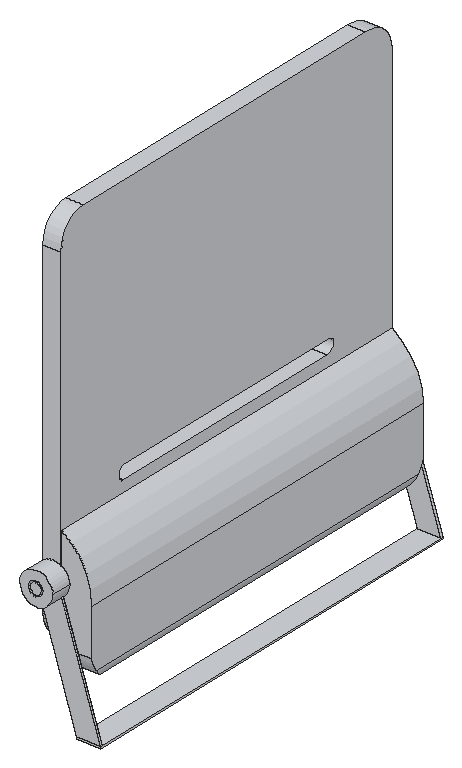
Revit family "2824076", category Generic Models, host Face, Revit 2018
Family settings
  Host = Face
  Can host rebar = No
  Round Connector Dimension = Use Diameter
  Part Type = Normal
  OmniClass Number = 23.80.70.00
  OmniClass Title = Lighting
  Cut with Voids When Loaded = No
  Shared = No
  Room Calculation Point = No
Parameters (values of type "Type Name")
  rotation axis = 142.4 mm
  bracket width = 588 mm
  URL = "http://www.sylvania-lighting.com"
  Type Image = <None>
  Type Comments = "n/a"
  Material_3_SYL = none
  Model = ""
  Manufacturer = "Feilo Sylvania"
  Keynote = ""
  Material_2_SYL = none
  Height = 157.859 mm
  Description = ""
  Default Elevation = 1219.2 mm
  Cost = 0
  Material_1_SYL = none
  Bracket Height = 195 mm
  Assembly Code = ""
  Material_4_SYL = none
Reference planes
  plane 1 "Center (Front/Back)": y = 0
  plane 2: z = 0
  plane 3 "Center (Left/Right)": x = 0
  plane 4: x = -16.5
  plane 5: x = 16.5
  plane 6: z = 155
  plane 7: x = -51.5
  plane 8: z = 137
  plane 9 "Rotation Axis": z = 142.4
  plane 10: z = 152.35
  plane 11: z = 195
  plane 12: x = -73.847
  plane 13: y = 294
  plane 14: y = -294
  plane 15: through (-72.693, -4572, 174.07) normal (-0.3105, 0, 0.9506)
  plane 16: through (-63.557, -4572, 193.954) normal (0.9506, 0, 0.3105)
  plane 17: y = 312
  plane 18: y = 288
  plane 19: y = -312
  plane 20: y = -286
  plane 21: z = 65
Forms (mm)
  Extrusion 1, solid, detail levels medium+fine
    sketch origin (0, 0, 0) x (1, 0, 0) y (0, 1, 0)
      loop
        line (-16.5, 294) -> (-16.5, -294) -> (16.5, -294) -> (16.5, 294) -> (-16.5, 294)
    from 0 to 2
  Extrusion 2, solid, detail levels medium+fine
    sketch origin (1524, -474.9, 1220.035) x (1, 0, 0) y (0, 0, 1)
      loop
        line (-1540.496, -1218.035) -> (-1507.966, -1218.035) -> (-1567.674, -1035.217)
        arc (-1567.674, -1035.217) -> (-1587.557, -1026.081) -> (-1596.693, -1045.965) r 15.473
        line (-1596.693, -1045.965) -> (-1540.496, -1218.035)
    from -180.9 to -182.9
  Extrusion 3, solid, detail levels medium+fine
    sketch origin (0, 0, 0.069) x (1, 0, 0) y (0, 0, 1)
      loop
        line (-16.39, 1.931) -> (16.139, 1.931) -> (-43.636, 184.958)
        arc (-43.636, 184.958) -> (-63.457, 193.922) -> (-72.656, 174.21) r 15.474
        line (-72.656, 174.21) -> (-16.39, 1.931)
    from -294 to -292
  Extrusion 4, solid, detail levels medium+fine
    sketch origin (-6.388, 0, 36.204) x (1, 0, 0) y (0, 0, 1)
      loop
        circle (-51.99, 142.374) r 22.5
    from -286.248 to -312
  Extrusion 5, solid, detail levels medium+fine
    sketch origin (-6.358, 0, 36.195) x (1, 0, 0) y (0, 0, 1)
      loop
        circle (-51.99, 142.374) r 22.5
    from 283.024 to 312
  Extrusion 6, void
    sketch origin (-6.561, 0, 36.284) x (1, 0, 0) y (0, 0, 1)
      loop
        circle (-51.99, 142.374) r 10
    from 294 to 312
  Extrusion 7, solid, detail levels fine
    sketch origin (-6.561, 0, 36.201) x (1, 0, 0) y (0, 0, 1)
      loop
        circle (-51.99, 142.374) r 7.5
    from 294 to 312
  Extrusion 8, void
    sketch origin (1517.357, -324.9, 1255.472) x (1, 0, 0) y (0, 0, 1)
      loop
        circle (-1575.99, -1076.826) r 10
    from -636.9 to -618.9
  Extrusion 9, solid, detail levels fine
    sketch origin (1517.42, -324.9, 1255.374) x (1, 0, 0) y (0, 0, 1)
      loop
        circle (-1575.99, -1076.826) r 7.5
    from -636.9 to -618.9
  Revolve 10, solid, not visible, detail levels coarse
    sketch origin (-58.257, 1655.459, 1254.912) x (0, 1, 0) y (0, 0, 1)
      loop
        line (-1369.21, -1054.349) -> (-1379.437, -1054.349) -> (-1379.437, -1074.349) -> (-1369.21, -1074.349) -> (-1369.21, -1054.349)
      axis (-1369.21, -1076.8) -> (-1379.437, -1076.8)
    angle from 0 to 180
Cuts and joins
  Extrusion 6 cuts Extrusion 5
  Extrusion 8 cuts Extrusion 4
Dimensions and locks
  "Bracket Height": plane 11 to level
  "bracket width": plane 14 to plane 13
  equal spacing: plane 14, plane 1 "Center (Front/Back)", plane 13
  aligned and locked: plane 2 to host face
  aligned and locked: level to host face
Automatic sketch dimensions
  host sketch curve to host sketch curve = 2438.4 mm  (x2)
  Extrusion 1 sketch curve to plane 4 = 0 mm
  Extrusion 1 sketch curve to plane 5 = 0 mm
  Extrusion 4 sketch curve to plane 9 "Rotation Axis" = 36.178 mm
  Extrusion 5 sketch curve to plane 9 "Rotation Axis" = 36.169 mm
  Extrusion 6 sketch curve to plane 9 "Rotation Axis" = 36.258 mm
  Extrusion 7 sketch curve to plane 9 "Rotation Axis" = 36.175 mm
  Extrusion 8 sketch curve to plane 9 "Rotation Axis" = 36.246 mm
  Extrusion 9 sketch curve to plane 9 "Rotation Axis" = 36.148 mm
  Revolve 10 sketch curve to plane 9 "Rotation Axis" = 35.712 mm
  Revolve 10 sketch curve to Revolve 10 sketch curve = 10.227 mm
  Revolve 10 sketch curve to plane 9 "Rotation Axis" = 38.163 mm
  plane 6 to Revolve 10 sketch curve = 45.563 mm
  Revolve 10 sketch curve to Revolve 10 sketch curve = 62.43 mm
  Revolve 10 sketch curve to Revolve 10 sketch curve = 22.367 mm
  plane 12 to Extrusion 2 sketch curve = 1.154 mm
  plane 7 to Extrusion 2 sketch curve = 6.684 mm
  Extrusion 2 sketch curve to plane 7 = 7.826 mm
  plane 4 to Extrusion 2 sketch curve = 0.004 mm
  level to Extrusion 2 sketch curve = 2 mm
  plane 6 to Extrusion 2 sketch curve = 19.07 mm
  Extrusion 2 sketch curve to Extrusion 2 sketch curve = 5.374 mm
  Extrusion 2 sketch curve to plane 5 = 0.466 mm
  plane 12 to Extrusion 3 sketch curve = 1.191 mm
  plane 7 to Extrusion 3 sketch curve = 6.582 mm
  Extrusion 3 sketch curve to plane 7 = 7.864 mm
  plane 4 to Extrusion 3 sketch curve = 0.11 mm
  Extrusion 3 sketch curve to plane 5 = 0.361 mm
  level to Extrusion 3 sketch curve = 2 mm
  Extrusion 3 sketch curve to Extrusion 3 sketch curve = 5.202 mm
  Extrusion 3 sketch curve to plane 11 = 9.973 mm
  plane 7 to Extrusion 6 sketch curve = 7.052 mm
  plane 7 to Extrusion 7 sketch curve = 7.051 mm
  plane 7 to Extrusion 9 sketch curve = 7.07 mm
  plane 7 to Extrusion 4 sketch curve = 6.879 mm
  plane 7 to Extrusion 5 sketch curve = 6.848 mm
  plane 7 to Extrusion 8 sketch curve = 7.133 mm
  Extrusion 1 sketch curve to plane 13 = 0 mm
  Extrusion 1 sketch curve to plane 14 = 0 mm
  Revolve 10 sketch curve to plane 18 = 11.979 mm
  radius of Extrusion 4 sketch curve = 22.5 mm
  radius of Extrusion 5 sketch curve = 22.5 mm
  radius of Extrusion 6 sketch curve = 10 mm
  radius of Extrusion 7 sketch curve = 7.5 mm
  radius of Extrusion 8 sketch curve = 10 mm
  radius of Extrusion 9 sketch curve = 7.5 mm
Nested families
  nested 1: "2824076" at (-58.257, -66.633, 317.765) x (0, 1, 0) z (1, 0, 0), type "2824076 RAIDEN IP66 40KLM 840 WIDE"
    with built-in parameter 1114216 (empty or 0)
Definition of nested family "2824076"
  Parameters (values of type "2824076 RAIDEN IP66 40KLM 840 WIDE")
    height = 60 mm
    Width = 319 mm
    Wattage Comments = "n/a"
    Wattage = 9.2903 W
    built-in parameter 1150110 = 1 (stored number, unit not read)
    URL = "0.95"
    Type Image = (empty or 0)
    Type Comments = "n/a"
    built-in parameter 1114217 = 1 (stored number, unit not read)
    Tilt Angle = -90.00°
    built-in parameter 1150109 = 1 (stored number, unit not read)
    built-in parameter 1150134 = 3
    built-in parameter 1150113 = 1 (stored number, unit not read)
    Photometric Web File = "2824076.IES"
    Material_3_SYL = none
    Model = "Raiden IP66 40KLM 840 Symmetric Wide"
    Manufacturer = ""
    built-in parameter 1150105 = 109.82 (stored number, unit not read)
    Lumens = 1380 lm
    built-in parameter 1150115 = 1 (stored number, unit not read)
    built-in parameter 1150137 = (empty or 0)
    built-in parameter 1150139 = (empty or 0)
    Length = 511 mm
    built-in parameter 1150112 = 1 (stored number, unit not read)
    built-in parameter 1150114 = 1 (stored number, unit not read)
    Lamp = "n/a"
    Keynote = "n/a"
    Material_2_SYL = none
    built-in parameter 1150132 = (empty or 0)
    built-in parameter 1150102 = (empty or 0)
    built-in parameter 1150107 = 3200 (stored number, unit not read)
    built-in parameter 1150138 = (empty or 0)
    built-in parameter 1150106 = 1.0982 (stored number, unit not read)
    Emit from Circle Diameter = 609.6 mm
    Emit Shape Visible in Rendering = no
    built-in parameter 1150104 = 13.8 (stored number, unit not read)
    Dimming Lamp Color Temperature Shift = (empty or 0)
    Description = "Outdoor and indoor floodlight range with in house design, comes complete with 1m flying lead and adjustable bracket, aluminium housing, RAL 9022 - Pearl light grey, clear glass diffuser, IP66, IK08, Class I, 4000K, Non-dimming, 40200lm, 294W, 137lm/W, CRI80, Symmetric Wide beam angle 60°, 100000 hrs L80B50 lifespan, 561x569x76mm (LxWxH) dimensions, 13.4kg weight."
    Default Elevation = 1219.2 mm
    Cost = 0
    Color Filter = 16777215
    built-in parameter 1114216 [instance] = (empty or 0)
    Material_1_SYL = none
    Body Length = 561 mm
    built-in parameter 1114218 = 1 (stored number, unit not read)
    built-in parameter 1150133 = 10 (stored number, unit not read)
    Assembly Code = "D5020200"
    Apparent Load = 294 VA
    Material_4_SYL = none
  Reference planes
    plane 1 "Center (Front/Back)": y = 2.5
    plane 2: z = 0.95
    plane 3 "Center (Left/Right)": x = 68.124
    plane 4: z = -14.05
    plane 5: z = 15.95
    plane 6: z = 0.95
    plane 7: z = 45.95
    plane 8: y = -253
    plane 9: y = -56
    plane 10: x = 253.624
    plane 11: x = -117.376
    plane 12: x = -123.376
    plane 13: y = -226
    plane 14: y = -76
    plane 15: y = -41.5
    plane 16: y = -213
    plane 17: x = 187.624
    plane 18: x = 259.624
    plane 19: x = 352.624
    plane 20: x = -216.376
    plane 21: x = -194.376
    plane 22: x = 330.624
    plane 23: y = 308
    plane 24: y = 286
    plane 25: x = 322.624
  Forms (mm)
    Extrusion 1, solid
      sketch origin (26.073, 0, 0.95) x (1, 0, 0) y (0, 1, 0)
        loop
          line (-1219.2, 1219.2) -> (-1219.2, -1219.2) -> (1219.2, -1219.2) -> (1219.2, 1219.2) -> (-1219.2, 1219.2)
      from 0 to -68.017
    Extrusion 2, solid, detail levels medium+fine
      sketch origin (83.124, -34.451, 0.95) x (1, 0, 0) y (0, 1, 0)
        loop
          line (-299.5, 302.451) -> (-299.5, -151.549)
          arc (-299.5, -151.549) -> (-287.784, -179.833) -> (-259.5, -191.549) r 40
          line (-259.5, -191.549) -> (229.5, -191.549)
          arc (229.5, -191.549) -> (257.784, -179.833) -> (269.5, -151.549) r 40
          line (269.5, -151.549) -> (269.5, 303.451)
          arc (269.5, 303.451) -> (256.273, 332.849) -> (225.5, 342.451) r 39.284
          line (225.5, 342.451) -> (-259.5, 342.451)
          arc (-259.5, 342.451) -> (-287.784, 330.735) -> (-299.5, 302.451) r 40
      from -15 to 9.702
    Extrusion 3, solid, detail levels medium+fine
      sketch origin (402.124, 1489.549, 1205.15) x (0, 1, 0) y (0, 0, 1)
        loop
          line (-1644.468, -1151.519) -> (-1728.014, -1151.519)
          arc (-1728.014, -1151.519) -> (-1739.904, -1157.404) -> (-1742.436, -1170.427) r 14.954
          line (-1742.436, -1170.427) -> (-1715.549, -1219.2) -> (-1565.549, -1219.2) -> (-1565.549, -1194.2)
          arc (-1565.549, -1194.2) -> (-1599.607, -1162.873) -> (-1644.468, -1151.519) r 94.303
      from -618.5 to -49.5
    Extrusion 4, void
      sketch origin (81.72, -11.578, 0.95) x (1, 0, 0) y (0, 1, 0)
        loop
          arc (-276.096, 29.078) -> (-271.703, 18.471) -> (-261.096, 14.078) r 15
          line (-261.096, 14.078) -> (233.904, 14.078)
          arc (233.904, 14.078) -> (244.51, 18.471) -> (248.904, 29.078) r 15
          line (248.904, 29.078) -> (248.904, 282.578)
          arc (248.904, 282.578) -> (244.51, 293.184) -> (233.904, 297.578) r 15
          line (233.904, 297.578) -> (-261.096, 297.578)
          arc (-261.096, 297.578) -> (-271.703, 293.184) -> (-276.096, 282.578) r 15
          line (-276.096, 282.578) -> (-276.096, 29.078)
      from -16.268 to -10.594
    Extrusion 5, solid, detail levels fine
      sketch origin (83.124, 0.218, 0.95) x (1, 0, 0) y (0, 1, 0)
        loop
          arc (-262.5, 285.782) -> (-273.107, 281.388) -> (-277.5, 270.782) r 15
          line (-277.5, 270.782) -> (-277.5, 17.282)
          arc (-277.5, 17.282) -> (-273.107, 6.675) -> (-262.5, 2.282) r 15
          line (-262.5, 2.282) -> (232.5, 2.282)
          arc (232.5, 2.282) -> (243.107, 6.675) -> (247.5, 17.282) r 15
          line (247.5, 17.282) -> (247.5, 270.782)
          arc (247.5, 270.782) -> (243.107, 281.388) -> (232.5, 285.782) r 15
          line (232.5, 285.782) -> (-262.5, 285.782)
      from -12.231 to -10.594
    Extrusion 6, void
      sketch origin (58.977, -53.062, 0.95) x (1, 0, 0) y (0, 1, 0)
        loop
          arc (184.512, -8.423) -> (194.512, 1.577) -> (184.512, 11.577) r 10
          line (184.512, 11.577) -> (-166.339, 11.577)
          arc (-166.339, 11.577) -> (-176.339, 1.577) -> (-166.339, -8.423) r 10
          line (-166.339, -8.423) -> (184.512, -8.423)
      from -18.734 to 12.525
    Extrusion 7, void
      sketch origin (68.124, -34.451, 0) x (0, 1, 0) y (0, 0, 1)
        loop
          line (-253.049, 15.95) -> (-253.049, -34.125) -> (-191.549, -30.902) -> (-191.549, 15.95) -> (-253.049, 15.95)
      from 191.5 to 306.113
    Extrusion 8, void
      sketch origin (68.124, -34.451, 0) x (0, 1, 0) y (0, 0, 1)
        loop
          line (-191.549, 15.95) -> (-275.432, 15.95) -> (-275.432, -28.004) -> (-191.549, -28.004) -> (-191.549, 15.95)
      from -308.216 to -191.5
    Extrusion 9, void
      sketch origin (-101.376, -126, 0.95) x (1, 0, 0) y (0, 1, 0)
        loop
          line (-115, -60) -> (-115, -100) -> (-75, -100)
          arc (-75, -100) -> (-103.284, -88.284) -> (-115, -60) r 40
      from -22.043 to 15
    Extrusion 10, void
      sketch origin (216.954, 19.065, 0.95) x (1, 0, 0) y (0, 1, 0)
        loop
          line (95.67, -245.065) -> (135.67, -245.065) -> (135.67, -205.065)
          arc (135.67, -205.065) -> (123.954, -233.349) -> (95.67, -245.065) r 40
      from -24.354 to 15
    Extrusion 11, solid, detail levels medium+fine
      sketch origin (1742.042, -359.351, 1205.129) x (1, 0, 0) y (0, 0, 1)
        loop
          circle (-1419.5, -1204.2) r 11
      from -140.977 to -106.464
    Extrusion 12, void
      sketch origin (-125, 0, 0.95) x (1, 0, 0) y (0, 1, 0)
        loop
          line (-91.376, -186) -> (-91.376, -226) -> (-51.376, -226)
          arc (-51.376, -226) -> (-79.66, -214.284) -> (-91.376, -186) r 40
      from -15 to 15
    Extrusion 13, void
      sketch origin (-125.5, 7.123, 0.95) x (1, 0, 0) y (0, 1, 0)
        loop
          line (-91.376, -221) -> (-91.376, -261) -> (-51.376, -261)
          arc (-51.376, -261) -> (-79.66, -249.284) -> (-91.376, -221) r 40
      from 0 to 100
    Extrusion 14, void
      sketch origin (125, 3.379, 0.95) x (1, 0, 0) y (0, 1, 0)
        loop
          arc (227.624, -217.683) -> (215.905, -245.976) -> (187.612, -257.696) r 40.012
          line (187.612, -257.696) -> (227.624, -257.696) -> (227.624, -217.683)
      from 12.525 to 100
    Extrusion 15, solid, detail levels coarse
      sketch origin (0, 0, 0.95) x (1, 0, 0) y (0, 1, 0)
        loop
          line (-216.376, 308) -> (-216.376, -252.887) -> (352.624, -252.887) -> (352.624, 308) -> (-216.376, 308)
      from -15 to 52.681
  Cuts and joins
    Extrusion 4, Extrusion 6, Extrusion 7, Extrusion 8, Extrusion 9, Extrusion 10, Extrusion 12 cuts Extrusion 2
    Extrusion 6, Extrusion 7, Extrusion 8, Extrusion 9, Extrusion 10, Extrusion 12, Extrusion 13, Extrusion 14 cuts Extrusion 3
    Extrusion 14 cuts Extrusion 11
  Dimensions and locks
    "height": plane 4 to plane 7
    plane 1 "Center (Front/Back)" to plane 8 = 255.5 mm
    Extrusion 15 to Extrusion 2 = 534 mm
    plane 1 "Center (Front/Back)" to Extrusion 5 = 283.5 mm
    "Body Length": plane 23 to plane 8
    aligned and locked: plane 2 to Extrusion 1
    aligned and locked: level to Extrusion 1
  Automatic sketch dimensions
    Extrusion 1 sketch curve to Extrusion 1 sketch curve = 2438.4 mm  (x2)
    Extrusion 4 sketch curve to plane 3 "Center (Left/Right)" = 262.5 mm
    Extrusion 4 sketch curve to Extrusion 4 sketch curve = 15 mm  (x3)
    plane 1 "Center (Front/Back)" to Extrusion 4 sketch curve = 0 mm
    Extrusion 4 sketch curve to Extrusion 4 sketch curve = 253.5 mm
    Extrusion 5 sketch curve to plane 3 "Center (Left/Right)" = 262.5 mm
    Extrusion 5 sketch curve to Extrusion 5 sketch curve = 15 mm  (x2)
    plane 1 "Center (Front/Back)" to Extrusion 5 sketch curve = 0 mm
    Extrusion 5 sketch curve to Extrusion 5 sketch curve = 253.5 mm
    Extrusion 7 sketch curve to plane 5 = 0 mm
    Extrusion 7 sketch curve to plane 4 = 16.852 mm
    Extrusion 7 sketch curve to plane 4 = 20.075 mm
    Extrusion 8 sketch curve to plane 5 = 0 mm
    Extrusion 8 sketch curve to plane 4 = 13.954 mm
    Extrusion 8 sketch curve to Extrusion 8 sketch curve = 83.883 mm
    Extrusion 9 sketch curve to plane 3 "Center (Left/Right)" = 284.5 mm
    Extrusion 9 sketch curve to Extrusion 9 sketch curve = 40 mm
    Extrusion 11 sketch curve to level = 0.021 mm
    Extrusion 10 sketch curve to Extrusion 10 sketch curve = 40 mm
    plane 13 to Extrusion 12 sketch curve = 0 mm
    Extrusion 13 sketch curve to plane 16 = 0.877 mm
    Extrusion 13 sketch curve to plane 8 = 0.877 mm
    plane 17 to Extrusion 14 sketch curve = 124.988 mm
    Extrusion 14 sketch curve to plane 16 = 1.305 mm
    Extrusion 14 sketch curve to plane 8 = 1.317 mm
    Extrusion 7 sketch curve to plane 13 = 0 mm
    Extrusion 7 sketch curve to plane 8 = 34.5 mm
    Extrusion 8 sketch curve to plane 13 = 0 mm
    Extrusion 9 sketch curve to plane 13 = 0 mm
    Extrusion 10 sketch curve to plane 13 = 0 mm
    plane 9 to Extrusion 6 sketch curve = 14.516 mm
    plane 14 to Extrusion 6 sketch curve = 14.516 mm
    plane 11 to Extrusion 6 sketch curve = 10.014 mm
    Extrusion 6 sketch curve to plane 10 = 10.135 mm
    Extrusion 3 sketch curve to plane 4 = 0 mm
    Extrusion 3 sketch curve to plane 13 = 0 mm
    Extrusion 3 sketch curve to plane 14 = 0 mm
    plane 8 to Extrusion 3 sketch curve = 14.535 mm
    plane 8 to Extrusion 3 sketch curve = 0.113 mm
    Extrusion 3 sketch curve to plane 4 = 26.622 mm
    Extrusion 3 sketch curve to plane 7 = 11.227 mm
    Extrusion 3 sketch curve to plane 7 = 7.273 mm
    Extrusion 3 sketch curve to plane 5 = 5 mm
    plane 8 to Extrusion 15 sketch curve = 0.113 mm
    Extrusion 15 sketch curve to plane 20 = 0 mm
    plane 17 to Extrusion 4 sketch curve = 128 mm  (x2)
    plane 17 to Extrusion 5 sketch curve = 128 mm  (x2)
    Extrusion 10 sketch curve to plane 19 = 0 mm
    plane 17 to Extrusion 11 sketch curve = 134.918 mm
    Extrusion 15 sketch curve to plane 19 = 0 mm
    Extrusion 15 sketch curve to plane 23 = 0 mm
    Extrusion 12 sketch curve to plane 20 = 0 mm
    plane 21 to Extrusion 12 sketch curve = 18 mm
    Extrusion 5 sketch curve to plane 22 = 0 mm
    Extrusion 2 sketch curve to plane 20 = 0 mm
    Extrusion 2 sketch curve to plane 13 = 0 mm
    Extrusion 2 sketch curve to plane 23 = 0 mm
    Extrusion 2 sketch curve to plane 19 = 0 mm
    plane 21 to Extrusion 2 sketch curve = 18 mm  (x2)
    Extrusion 2 sketch curve to plane 22 = 18 mm
    Extrusion 2 sketch curve to plane 24 = 17 mm
    Extrusion 2 sketch curve to Extrusion 2 sketch curve = 39.284 mm
    Extrusion 13 sketch curve to plane 20 = 0.5 mm
    radius of Extrusion 11 sketch curve = 11 mm
  Connectors
    electrical at (322.542, -252.887, 0.929)
      settings: on Extrusion 11, index 1, voltage 0 V, apparent load 0 VA, apparent load phase1 0 VA, apparent load phase2 0 VA, apparent load phase3 0 VA, power factor 1, load classification none, number of poles 1, system type 31, power factor state 1, is connector primary yes, connector utility no, sub classification motor no, connector description ""
